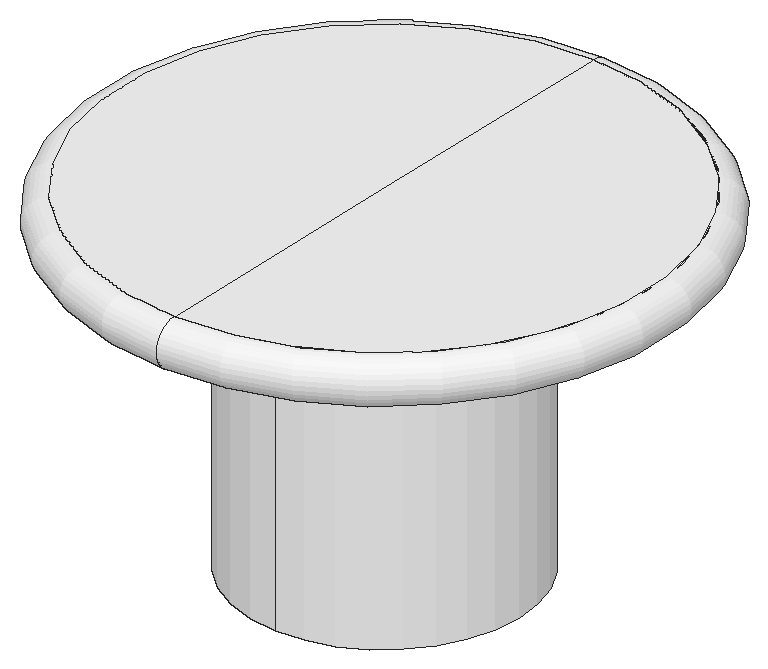
Revit family "Reece_Basin_AXA_H10_Above Counter Basin_Oval_500 mm", category Plumbing Fixtures, host Face, Revit 2018
Family settings
  Host = Face
  Round Connector Dimension = Use Diameter
  Part Type = Normal
  Cut with Voids When Loaded = No
  Shared = Yes
  Room Calculation Point = Yes
Parameters
  WFU = 0  # constant formula
  URL = "https://www.reece.com.au/product/-9505319"
  Type Comments = "Basin"
  Reece_Product_Web Page = "https://www.reece.com.au/product/-9505319"
  Reece_Product_Type = "Basin"  # constant formula
  Reece_Product_Sub Brand = "H10"  # constant formula
  Reece_Product_Number = "9505319"
  Reece_Product_Mount = "Above Counter Basin"
  Reece_Product_Description = "AXA H10 Oval Counter Basin 500 x 320mm White"  # constant formula
  Reece_Product_Brand = "AXA"  # constant formula
  Reece_Overall_Width = 500 mm  # constant formula
  Reece_Overall_Length = 320 mm  # constant formula
  Reece_Overall_Height = 100 mm  # constant formula
  Reece_Overall_Capacity = 5.00 L  # constant formula
  Reece_Material_Secondary = Reece_Brass_Chrome
  Reece_Material-Main = Reece_Vitreous China_White
  Reece_Detail_Disclaimer = "THIS FILE IS THE PROPERTY OF THE REECE GROUP. IT MAY NOT BE REPRODUCED, REVERSE-ENGINEERED OR MODIFIED. ANY REPUBLICATION, TRANSMISSION OR DISTRIBUTION FOR THE PURPOSE OF COMMERCIALLY EXPLOITING THE FILES IS PROHIBITED."  # constant formula
  Reece_Basin_Outlet = 40 mm  # constant formula
  Model = "H10"
  Manufacturer = "AXA"
  Keynote = "Product #9505319, Reece_Basin_AXA_H10_Above Counter Basin_Oval_500 mm -  "
  HWFU = 0  # constant formula
  Disclaimer = "THIS FILE IS THE PROPERTY OF THE REECE GROUP. IT MAY NOT BE REPRODUCED, REVERSE-ENGINEERED OR MODIFIED. ANY REPUBLICATION, TRANSMISSION OR DISTRIBUTION FOR THE PURPOSE OF COMMERCIALLY EXPLOITING THE FILES IS PROHIBITED."  # constant formula
  Description = "AXA H10 Oval Counter Basin 500 x 320mm White"
  Default Elevation = 1000 mm
  CWFU = 0  # constant formula
Types (2, lengths in mm): name | Keynote
  (no name) | "Product #9505319, Reece_Basin_AXA_H10_Above Counter Basin_Oval_500 mm -  "
  5 L_No Taphole_Vitreous China_White | "Product #9505319, Reece_Basin_AXA_H10_Above Counter Basin_Oval_500 mm - 5 L_No Taphole_Vitreous China_White"
Reference planes
  plane 1 "Center (Front/Back)": y = -119.125
  plane 2 "Bottom": z = 0
  plane 3 "Center (Left/Right)": x = 0
  plane 4 "Top": z = 100
  plane 5: y = 40.875
  plane 6: x = 250
  plane 7: x = -250
  plane 8: y = -279.125
  plane 9: z = 30
  plane 10: x = -220
  plane 11: x = 220
  plane 12: y = 10.875
  plane 13: y = -249.125
Forms (mm)
  Revolve 1, solid, material "Reece_Brass_Chrome" <- "Reece_Material_Secondary"
    sketch origin (0, -80, 0) x (0, 1, 0) y (0, 0, 1)
      loop
        line (-24.125, 32.5) -> (-10, 32.5)
        arc (-10, 32.5) -> (-7.5, 35) -> (-10, 37.5) r 2.5
        line (-10, 37.5) -> (-39.125, 37.5) -> (-39.125, 0) -> (-24.125, 0) -> (-24.125, 32.5)
      axis (-39.125, 37.5) -> (-39.125, 0)
    angle from 0 to 360
  Extrusion 2, void
    sketch origin (0, 0, 0) x (1, 0, 0) y (0, 1, 0)
      loop
        circle (0, -119.125) r 50
    from 0 to -40
Lines and regions (mm)
  symbolic lines, style "PlumbingFixtures"
    curve 1: line (-16.597, -271.351, 0) -> (16.597, 33.22, 0)
    curve 2: line (16.597, 33.22, 0) -> (-16.597, -271.351, 0)
Text (mm)
  text "Reece Copyright © 2018, Reece Ltd." at (-950.202, -583.01, 0), in view "Ref. Level"
  text "Reece ©" at (44.384, 258.95, 192.345), in view "Reece Preview"
Dimensions and locks
  equal spacing: plane 7, plane 3 "Center (Left/Right)", plane 6
  "Reece_Overall_Width": plane 7 to plane 6
  "Reece_Overall_Length": plane 5 to plane 8
  equal spacing: plane 5, plane 1 "Center (Front/Back)", plane 8
  "Reece_Overall_Height": plane 2 "Bottom" to plane 4 "Top"
  plane 4 "Top" to plane 9 = 70 mm
  plane 3 "Center (Left/Right)" to plane 10 = 220 mm
  plane 12 to plane 1 "Center (Front/Back)" = 130 mm
  plane 13 to plane 1 "Center (Front/Back)" = 130 mm
  aligned and locked: host face to plane 2 "Bottom"
  aligned and locked: level to host face
Automatic sketch dimensions
  host sketch curve to host sketch curve = 801.051 mm
  host sketch curve to host sketch curve = 660.299 mm
  Revolve 1 sketch curve to level = 0 mm
  plane 1 "Center (Front/Back)" to Revolve 1 sketch curve = 0 mm
  Revolve 1 sketch curve to Revolve 1 sketch curve = 15 mm
  Revolve 1 sketch curve to Revolve 1 sketch curve = 14.125 mm
  Revolve 1 sketch curve to Revolve 1 sketch curve = 32.5 mm
  Revolve 1 sketch curve to Revolve 1 sketch curve = 2.5 mm
  Revolve 1 sketch curve to Revolve 1 sketch curve = 0 mm
  Revolve 1 sketch curve to level = 33.124 mm
  plane 4 "Top" to Revolve 1 sketch curve = 18.686 mm
  curve 1 to plane 8 = 7.773 mm
  curve 1 to plane 3 "Center (Left/Right)" = 16.597 mm
  curve 1 to plane 5 = 7.655 mm
  plane 3 "Center (Left/Right)" to curve 1 = 16.597 mm
  curve 2 to plane 8 = 7.773 mm
  curve 2 to curve 1 = 0 mm  (x2)
  curve 2 to plane 5 = 7.655 mm
  plane 1 "Center (Front/Back)" to Extrusion 2 sketch curve = 0 mm
  Extrusion 2 sketch curve to plane 3 "Center (Left/Right)" = 0 mm
  radius of Extrusion 2 sketch curve = 50 mm
